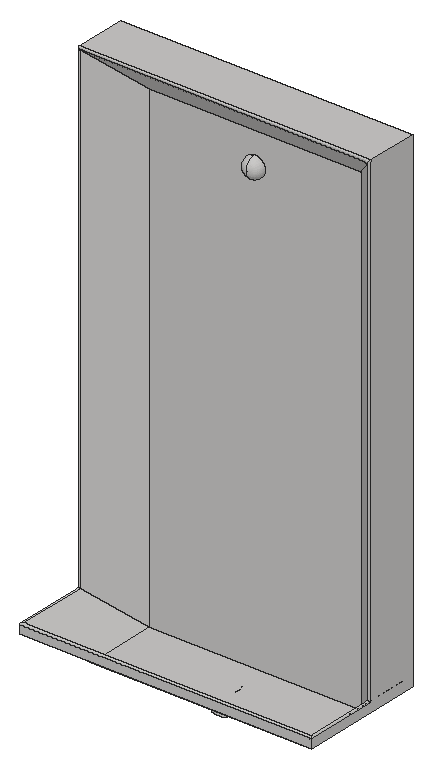
Revit family "PRD_FrankeWS_SlbUrnls_CampusFloorStandingUrinal_BS550", category Plumbing Fixtures, host Face, Revit 2018
Family settings
  Host = Face
  Round Connector Dimension = Use Diameter
  Part Type = Normal
  OmniClass Number = 23.45.05.21.11.21
  OmniClass Title = Urinals
  Cut with Voids When Loaded = No
  Shared = No
  Room Calculation Point = No
Parameters (values of type "BS550")
  WaterSupplyOverflowAndWasteHolesWaterSupply = "Back"
  WaterSupplyOverflowAndWasteHolesWaste = "Center"
  WasteSize = 40.00 mm
  WarrantyStartDate [instance] = "1900-12-31T23:59:59"
  WarrantyGuarantorParts = "n/a"
  WarrantyGuarantorLabor = "n/a"
  WarrantyDurationUnit = "year"
  WarrantyDurationParts = "n/a"
  WarrantyDurationLabor = "n/a"
  WarrantyDescription = "n/a"
  Version = "1"
  UrinalType = "Slab"
  UrinalMaterial = "Stainless steel"
  UrinalColor = "Stainless steel"
  Uniclass2015Version = "Products v1.5"
  Uniclass2015Title = "Slab urinals"
  Uniclass2015Code = "Pr_40_20_93_77"
  URL = "www.kwc.com"
  TagNumber [instance] = "n/a"
  SustainabilityPerformance = "n/a"
  SpilloverLevel = 0.00 mm
  Size = "600 x 260 x 1076 mm"
  Shape = "Rectangular"
  SerialNumber [instance] = "n/a"
  Revision = "n/a"
  ReplacementCost = "n/a"
  ProductInformation = "https://pim.kwc.com/product/2000100030/attachment/datasheet?locale=en"
  OutletSize = "DN 40 (1 1/2 inch.)"
  NominalWidth = 600.00 mm
  NominalLength = 1076.00 mm
  NominalDepth = 260.00 mm
  NetWeight = 18.00 kg
  Name = "CAMPUS floor standing urinal BS550"
  NBSTypeID = "n/a"
  NBSReference = "45-35-70/352"
  NBSOfficeMasterTag = "n/a"
  NBSNote = "n/a"
  NBSDescription = "Slab urinals"
  NBSCertification = "n/a"
  ModelReference = "BS550"
  ModelNumber = "2000100030"
  Model = ModelReference  # "BS550"
  MaterialsFinishAndColour = "Stainless steel, satin finished"
  MaterialsBody = "Stainless steel 1.4301"
  Material = PRD_AR_StainlessSteel_SatinFinished
  ManufacturerURL = "www.kwc.com"
  ManufacturerName = "KWC Group AG"  # constant formula
  Manufacturer = ManufacturerName  # "KWC Group AG"
  IntegralAccessories = "n/a"
  InstallationDate [instance] = "1900-12-31T23:59:59"
  InletSize = "DN 15 (1/2 inch.)"
  IfcExportType = "URINAL"
  IfcExportAs = "IfcSanitaryTerminalType"
  GrossWeight = 22.00 kg
  Grade = "n/a"
  Form = "Floor standing"
  Flow = 0.0 L/s
  Finish = "Satin finished"
  Features = "stainless steel, 1.50 mm, satin finished, wall and floor mounting, 600x1076x260 mm (WxHxD)"
  ExpectedLife = "n/a"
  DurationUnit = "year"
  DiameterNominal = 15.00 mm
  Description = "Floor standing urinal, stainless steel, surface satin finished, material thickness 1.5 mm, back inlet button spreaders 1/2 inch. at 600 mm spacings, 1 1/2 inch. flat perforated waste. width: 600 mm"
  Default Elevation = 0.00 mm
  CreateOn = "11/2018"  # constant formula
  Constituents = "n/a"
  CodePerformance = "n/a"
  Category = "Pr_40_20_93_77, Slab urinals"
  BarCode [instance] = "n/a"
  BIMObjectName = "PRD_AR_SlabUrinals_CampusFloorStandingUrinal_BS550"
  Author = "Archispace"  # constant formula
  AssetType = "Fixed"
  AssetIdentifier [instance] = "n/a"
  AccessibilityPerformance = "n/a"
Reference planes
  plane 1 "Center (Front/Back)": y = 0
  plane 2: z = 0
  plane 3 "Center (Left/Right)": x = 0
  plane 4: x = -300
  plane 5: x = 300
Forms (mm)
  Extrusion 1, void
    sketch origin (0, 0, 0) x (1, 0, 0) y (0, 1, 0)
      loop
        line (-300, -260) -> (300, -260) -> (300, 0) -> (-300, 0) -> (-300, -260)
    from 0 to -80
Dimensions and locks
  equal spacing: plane 4, plane 3 "Center (Left/Right)", plane 5
  "NominalWidth": plane 4 to plane 5
  aligned and locked: plane 2 to host face
  aligned and locked: level to host face
  aligned and locked: Extrusion 1 sketch curve to plane 4
  aligned and locked: plane 5 to Extrusion 1 sketch curve
  aligned and locked: Extrusion 1 sketch curve to plane 1 "Center (Front/Back)"
Automatic sketch dimensions
  host sketch curve to host sketch curve = 2438.40 mm  (x2)
  plane 1 "Center (Front/Back)" to Extrusion 1 sketch curve = 260.00 mm
Nested families
  nested 1: "BS55" at (0, 0, 0), type "BS55"
Connectors
  piping at (0, 0, 846), diameter 15, driven by "Flow", driven by "DiameterNominal", driven by "InletSize"
    settings: on nested 1, index 1, connector inside diameter 609.60 mm, connector length 0.00 mm, flow factor 0, pipe flow 0.0 L/s, pressure drop 0.0 Pa, fitting loss kfactor 0, connector angle 0.00°, fixture units 0, engagement length 0.00 mm, angle of deflection 0.00°, flow configuration 1, flow direction 1, fitting loss method 0, system type 20, joint type 0, gender type 0, connector reference index -1, connector utility 0, adjustable connector no, is connector primary yes, connector description "DN 15 (1/2 inch.)"
  piping at (0, -104, -122), diameter 40, driven by "WasteSize", driven by "OutletSize"
    settings: on nested 1, index 2, connector inside diameter 609.60 mm, connector length 0.00 mm, flow factor 0, pipe flow 0.0 L/s, pressure drop 0.0 Pa, fitting loss kfactor 0, connector angle 0.00°, fixture units 0, engagement length 0.00 mm, angle of deflection 0.00°, flow configuration 2, flow direction 2, fitting loss method 0, system type 16, joint type 0, gender type 0, connector reference index -1, connector utility 0, adjustable connector no, is connector primary no, connector description "DN 40 (1 1/2 inch.)"
Definition of nested family "BS55"
  Parameters (values of type "BS55")
    Material = none
    Length = 600.00 mm
  Reference planes
    plane 1 "Center (Front/Back)": y = 0
    plane 2: z = 0
    plane 3 "Center (Left/Right)": x = 0
    plane 4: x = -300
    plane 5: x = 300
    plane 6: x = -217
    plane 7: x = 217
    plane 8: z = 996
    plane 9: z = 913
  Forms (mm)
    Sweep 1, solid, material <- "Material", detail levels fine
      path origin (0, 0, 0) x (1, 0, 0) y (0, 0, 1)
        loop
          line (300, -80) -> (300, 996) -> (-300, 996) -> (-300, -80)
      profile origin (-300, 0, 458) x (0, -1, 0) y (1, 0, 0)
        loop
          line (0, 0) -> (107, 0)
          arc (107, 0) -> (109.773, 1.854) -> (109.118, 5.125) r 3
          line (109.118, 5.125) -> (31, 83) -> (0, 83) -> (0, 0)
    Extrusion 2, solid, material <- "Material", detail levels fine
      sketch origin (0, 0, 0) x (1, 0, 0) y (0, 0, 1)
        loop
          line (-217, 913) -> (-217, -80) -> (217, -80) -> (217, 913) -> (-217, 913)
      from 0 to 31
    Sweep 3, solid, material <- "Material", detail levels fine
      path origin (0, 0, 0) x (1, 0, 0) y (0, 1, 0)
        loop
          line (-300, 0) -> (-300, -260) -> (300, -260) -> (300, 0)
      profile origin (-300, -130, 0) x (1, 0, 0) y (0, 0, 1)
        loop
          arc (5.118, -0.875) -> (1.85, -0.229) -> (0, -3) r 3
          line (0, -3) -> (0, -20) -> (22.181, -20) -> (82.38, -80) -> (88, -80) -> (88, -78.5) -> (83, -78.5) -> (5.118, -0.875)
    Extrusion 4, solid, material <- "Material", detail levels fine
      sketch origin (0, 0, 0) x (1, 0, 0) y (0, 1, 0)
        loop
          line (-212, -31) -> (-212, -172) -> (212, -172) -> (212, -31) -> (-212, -31)
      from -80 to -78.5
    Extrusion 5, void
      sketch origin (0, 0, 0) x (1, 0, 0) y (0, 0, 1)
        loop
          line (-300, -20) -> (-300, -80) -> (-217.62, -80) -> (-277.819, -20) -> (-300, -20)
        loop
          line (300, -20) -> (277.819, -20) -> (217.62, -80) -> (300, -80) -> (300, -20)
      from 0 to 110
    Extrusion 6, solid, material <- "Material"
      sketch origin (0, 0, 0) x (1, 0, 0) y (0, 1, 0)
        loop
          circle (0, -104) r 24
      from -80 to -122
    Revolve 7, solid, material <- "Material", detail levels fine
      sketch origin (0, 0, 0) x (0, 1, 0) y (0, 0, 1)
        loop
          line (0, 846) -> (0, 856) -> (-31, 856) -> (-31, 867)
          arc (-31, 867) -> (-45.849, 860.849) -> (-52, 846) r 21
          line (-52, 846) -> (-31, 846) -> (0, 846)
        axis (-52, 846) -> (0, 846)
      angle from 0 to 360
    Blend 8, solid, material <- "Material", detail levels coarse+medium
      base sketch origin (0, 0, 0) x (1, 0, 0) y (0, 1, 0)
        loop
          line (-217.62, -177.62) -> (217.62, -177.62) -> (217.62, 0) -> (-217.62, 0) -> (-217.62, -177.62)
      top sketch origin (0, 0, 0) x (1, 0, 0) y (0, 1, 0)
        loop
          line (-277.819, -237.819) -> (277.819, -237.819) -> (277.819, 0) -> (-277.819, 0) -> (-277.819, -237.819)
      from -80 to -20
    Extrusion 9, solid, material <- "Material", detail levels coarse+medium
      sketch origin (0, 0, 0) x (1, 0, 0) y (0, 1, 0)
        loop
          line (-300, 0) -> (-300, -260) -> (300, -260) -> (300, 0) -> (-300, 0)
      from 0 to -20
    Extrusion 10, solid, material <- "Material", detail levels medium
      sketch origin (0, 0, 0) x (1, 0, 0) y (0, 1, 0)
        loop
          line (-300, 0) -> (-300, -110) -> (300, -110) -> (300, 0) -> (-300, 0)
      from 0 to 996
    Blend 11, void
      base sketch origin (0, 0, 0) x (1, 0, 0) y (0, 0, 1)
        loop
          line (-217, 913) -> (-217, 0) -> (217, 0) -> (217, 913) -> (-217, 913)
      top sketch origin (0, 0, 0) x (1, 0, 0) y (0, 0, 1)
        loop
          line (-300, 996) -> (-300, 0) -> (300, 0) -> (300, 996) -> (-300, 996)
      from 31.5 to 110
    Extrusion 12, solid, material <- "Material", detail levels coarse
      sketch origin (0, 0, 0) x (1, 0, 0) y (0, 1, 0)
        loop
          line (-300, 0) -> (-300, -110) -> (300, -110) -> (300, 0) -> (-300, 0)
      from 0 to 996
  Cuts and joins
    Extrusion 5 cuts Sweep 1
    joined: Sweep 1, Extrusion 2, Sweep 3, Extrusion 4
    Blend 11 cuts Extrusion 10
  Dimensions and locks
    equal spacing: plane 4, plane 3 "Center (Left/Right)", plane 5
    "Length": plane 4 to plane 5
    locked: plane 6 to plane 4 at 83
    locked: plane 7 to plane 5 at 83
    locked: plane 8 to level at 996
    locked: plane 8 to plane 9 at 83
    locked: plane 4 to Blend 8 sketch curve at 22.181
    locked: Blend 8 sketch curve to plane 5 at 22.181
    locked: plane 4 to Blend 8 sketch curve at 82.38
    locked: Blend 8 sketch curve to plane 5 at 82.38
    aligned and locked: level to plane 2
    aligned and locked: Sweep 1 sketch curve to plane 4
    aligned and locked: Sweep 1 sketch curve to plane 8
    aligned and locked: plane 5 to Sweep 1 sketch curve
    aligned and locked: Sweep 1 sketch curve to plane 6
    aligned and locked: Extrusion 2 sketch curve to plane 6
    aligned and locked: plane 7 to Extrusion 2 sketch curve
    aligned and locked: Extrusion 2 sketch curve to plane 9
    aligned and locked: Sweep 3 sketch curve to plane 4
    aligned and locked: plane 5 to Sweep 3 sketch curve
    aligned and locked: Extrusion 5 sketch curve to plane 4
    aligned and locked: plane 5 to Extrusion 5 sketch curve
    aligned and locked: Extrusion 9 sketch curve to plane 4
    aligned and locked: plane 5 to Extrusion 9 sketch curve
    aligned and locked: Extrusion 9 sketch curve to cut or joined group of Sweep 1, Extrusion 2, Sweep 3, Extrusion 4, Extrusion 5
    aligned and locked: Extrusion 9 sketch curve to Blend 8
    aligned and locked: Extrusion 10 sketch curve to plane 4
    aligned and locked: plane 5 to Extrusion 10 sketch curve
    aligned and locked: Extrusion 10 sketch curve to plane 1 "Center (Front/Back)"
    aligned and locked: plane 8 to Extrusion 10
    aligned and locked: Blend 11 sketch curve to plane 6
    aligned and locked: plane 7 to Blend 11 sketch curve
    aligned and locked: Blend 11 sketch curve to plane 9
    aligned and locked: Blend 11 sketch curve to level  (x2)
    aligned and locked: Blend 11 sketch curve to plane 4
    aligned and locked: Blend 11 sketch curve to plane 8
    aligned and locked: plane 5 to Blend 11 sketch curve
    aligned and locked: Extrusion 12 sketch curve to plane 4
    aligned and locked: plane 5 to Extrusion 12 sketch curve
    aligned and locked: Extrusion 12 sketch curve to plane 1 "Center (Front/Back)"
    aligned and locked: plane 8 to Extrusion 12
  Automatic sketch dimensions
    plane 1 "Center (Front/Back)" to Sweep 1 sketch curve = 0.00 mm
    Sweep 1 sketch curve to profile plane = 0.00 mm
    plane 1 "Center (Front/Back)" to Sweep 1 sketch curve = 107.00 mm
    Sweep 1 sketch curve to Sweep 1 sketch curve = 31.00 mm
    Sweep 1 sketch curve to Sweep 1 sketch curve = 2.118 mm
    Sweep 1 sketch curve to Sweep 1 sketch curve = 2.125 mm
    Sweep 1 sketch curve to Sweep 1 sketch curve = 0.00 mm
    profile plane to Sweep 3 sketch curve = 0.00 mm
    Sweep 3 sketch curve to Sweep 3 sketch curve = 3.00 mm
    Sweep 3 sketch curve to level = 0.875 mm
    Sweep 3 sketch curve to Sweep 3 sketch curve = 2.118 mm
    Sweep 3 sketch curve to Sweep 3 sketch curve = 22.181 mm
    Sweep 3 sketch curve to profile plane = 82.38 mm
    Sweep 3 sketch curve to Sweep 3 sketch curve = 0.62 mm
    Sweep 3 sketch curve to level = 20.00 mm
    Sweep 3 sketch curve to level = 78.50 mm
    Sweep 3 sketch curve to Sweep 3 sketch curve = 1.50 mm
    Sweep 3 sketch curve to Sweep 3 sketch curve = 5.00 mm
    plane 1 "Center (Front/Back)" to Sweep 3 sketch curve = 260.00 mm
    Sweep 1 sketch curve to level = 80.00 mm  (x2)
    plane 1 "Center (Front/Back)" to Sweep 3 sketch curve = 0.00 mm  (x2)
    Extrusion 2 sketch curve to level = 80.00 mm
    plane 6 to Extrusion 4 sketch curve = 5.00 mm
    plane 7 to Extrusion 4 sketch curve = 5.00 mm
    plane 1 "Center (Front/Back)" to Extrusion 4 sketch curve = 172.00 mm
    plane 1 "Center (Front/Back)" to Extrusion 4 sketch curve = 31.00 mm
    plane 4 to Extrusion 5 sketch curve = 22.181 mm
    Extrusion 5 sketch curve to plane 6 = 0.62 mm
    Extrusion 5 sketch curve to level = 80.00 mm  (x2)
    Extrusion 5 sketch curve to plane 7 = 0.62 mm
    plane 5 to Extrusion 5 sketch curve = 22.181 mm
    Extrusion 5 sketch curve to level = 20.00 mm  (x2)
    Extrusion 6 sketch curve to plane 3 "Center (Left/Right)" = 0.00 mm
    plane 1 "Center (Front/Back)" to Extrusion 6 sketch curve = 104.00 mm
    Revolve 7 sketch curve to plane 1 "Center (Front/Back)" = 0.00 mm  (x2)
    plane 1 "Center (Front/Back)" to Revolve 7 sketch curve = 31.00 mm
    Revolve 7 sketch curve to Revolve 7 sketch curve = 0.00 mm  (x3)
    Revolve 7 sketch curve to Revolve 7 sketch curve = 21.00 mm
    Revolve 7 sketch curve to plane 9 = 67.00 mm
    Revolve 7 sketch curve to Revolve 7 sketch curve = 10.00 mm
    Revolve 7 sketch curve to Revolve 7 sketch curve = 19.756 mm
    plane 1 "Center (Front/Back)" to Blend 8 sketch curve = 0.00 mm  (x2)
    plane 1 "Center (Front/Back)" to Blend 8 sketch curve = 177.62 mm
    plane 1 "Center (Front/Back)" to Blend 8 sketch curve = 237.819 mm
    plane 1 "Center (Front/Back)" to Extrusion 10 sketch curve = 110.00 mm
    plane 1 "Center (Front/Back)" to Extrusion 12 sketch curve = 110.00 mm
    radius of Extrusion 6 sketch curve = 24.00 mm
